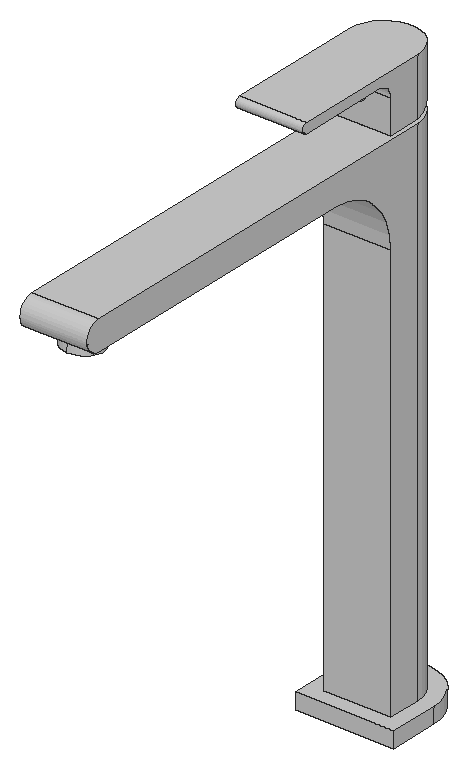
Revit family "PlumFix_Tap_ABEY_Park Avenue_High Basin Mixer", category Plumbing Fixtures, Revit 2015
Parameters (values of type "Chrome")
  Waste Connection = no
  WFU = 0
  Vent Connection = no
  URL = "https://www.abey.com.au/"
  Type Comments = "Chrome Finish"
  PlumbingMaterial_ANZRS = z_Abey_Chrome
  Model = "1B2"
  Manufacturer_URL__Product Specific = "https://www.abey.com.au/product/bathroom/park-avenue-high-basin-mixer/"
  Manufacturer_Spec Code = Model  # "1B2"
  Manufacturer_Overall Width = 50 mm  # constant formula
  Manufacturer_Overall Height = 302 mm  # constant formula
  Manufacturer_Overall Depth = 235 mm  # constant formula
  Manufacturer_Height From FFL [instance] = 900 mm
  Manufacturer = "Abey Australia"  # constant formula
  Keynote = ""
  HWFU = 0
  HW Connection = yes
  Description = "High Basin Mixer"  # constant formula
  CreatedBy_ANZRS = "UNIFI Labs"  # constant formula
  CreatedByURL_ANZRS = "http://www.unifilabs.com/"
  Cost = 0
  CWFU = 0
  CW Connection = yes
  Assembly Code = ""
Types (3, lengths in mm): name | Type Comments | PlumbingMaterial_ANZRS | Model | Manufacturer_Spec Code
  Chrome | "Chrome Finish" | z_Abey_Chrome | "1B2" | "1B2"
  Black | "Black Finish" | z_Abey_Black | "1B2-B" | "1B2-B"
  Gun Metal | "Gun Metal Finish" | z_Abey_Gun Metal | "1B2-GM" | "1B2-GM"
Reference planes
  plane 1 "Ref. Level": z = 0
  plane 2 "Center (Left/Right)": x = 98.02
  plane 3 "Bottom": z = 900
  plane 4 "Back": y = -75
  plane 5 "Left": x = 73.02
  plane 6 "Right": x = 123.02
  plane 7 "Top": z = 1202
  plane 8 "Center (Elevation)": z = 1051
  plane 9 "Front": y = -310
  plane 10 "Center (Front/Back)": y = -192.5
Forms (mm)
  Extrusion 1, solid, material "z_Abey_Chrome" <- "PlumbingMaterial_ANZRS"
    sketch origin (0, 0, 900) x (-1, 0, 0) y (0, -1, 0)
      loop
        line (-73.02, 125) -> (-123.02, 125) -> (-123.02, 100)
        arc (-123.02, 100) -> (-98.02, 75) -> (-73.02, 100) r 25
        line (-73.02, 100) -> (-73.02, 125)
    from 0 to 8
  Extrusion 2, solid, material "z_Abey_Chrome" <- "PlumbingMaterial_ANZRS"
    sketch origin (0, 0, 900) x (-1, 0, 0) y (0, -1, 0)
      loop
        arc (-115.02, 100) -> (-98.02, 83) -> (-81.02, 100) r 17
        line (-81.02, 100) -> (-81.02, 112.5) -> (-115.02, 112.5) -> (-115.02, 100)
    from 8 to 270.5
  Extrusion 3, solid, material "z_Abey_Chrome" <- "PlumbingMaterial_ANZRS"
    sketch origin (98.02, 0, 0) x (0, 1, 0) y (0, 0, 1)
      loop
        line (-112.5, 1170.5) -> (-302.5, 1170.5)
        arc (-302.5, 1170.5) -> (-310, 1163) -> (-302.5, 1155.5) r 7.5
        line (-302.5, 1155.5) -> (-152, 1155.5)
        arc (-152, 1155.5) -> (-127.251, 1145.249) -> (-117, 1120.5) r 35
        line (-117, 1120.5) -> (-117, 908) -> (-112.5, 908) -> (-112.5, 1170.5)
    from -17 to 17
  Extrusion 4, solid, material "z_Abey_Chrome" <- "PlumbingMaterial_ANZRS"
    sketch origin (0, 0, 1202) x (-1, 0, 0) y (0, -1, 0)
      loop
        arc (-115.02, 100) -> (-98.02, 83) -> (-81.02, 100) r 17
        line (-81.02, 100) -> (-81.02, 112.5) -> (-115.02, 112.5) -> (-115.02, 100)
    from -29.5 to 0
  Extrusion 5, solid, material "z_Abey_Chrome" <- "PlumbingMaterial_ANZRS"
    sketch origin (98.02, 0, 0) x (0, 1, 0) y (0, 0, 1)
      loop
        line (-112.5, 1202) -> (-170.5, 1202)
        arc (-170.5, 1202) -> (-173, 1199.5) -> (-170.5, 1197) r 2.5
        line (-170.5, 1197) -> (-124.5, 1197)
        arc (-124.5, 1197) -> (-119.197, 1194.803) -> (-117, 1189.5) r 7.5
        line (-117, 1189.5) -> (-117, 1172.5) -> (-112.5, 1172.5) -> (-112.5, 1202)
    from -17 to 17
  Extrusion 6, solid, material "z_Abey_Chrome" <- "PlumbingMaterial_ANZRS"
    sketch origin (0, 0, 1202) x (-1, 0, 0) y (0, -1, 0)
      loop
        circle (-98.02, 100) r 14.5
    from -31.5 to -20
  Revolve 7, solid, material "z_Abey_Chrome" <- "PlumbingMaterial_ANZRS"
    sketch origin (98.02, 0, 0) x (0, 1, 0) y (0, 0, 1)
      loop
        line (-301.431, 1148.872) -> (-291.469, 1148) -> (-290.604, 1157.888) -> (-300.566, 1158.759) -> (-301.431, 1148.872)
      axis (-291.469, 1148) -> (-290.604, 1157.888)
    angle from 0 to 360
  Revolve 8, solid, material "z_Abey_Chrome" <- "PlumbingMaterial_ANZRS"
    sketch origin (98.02, 0, 0) x (0, 1, 0) y (0, 0, 1)
      loop
        line (-117, 1186.53) -> (-117, 1190.516)
        arc (-117, 1190.516) -> (-118.029, 1190.09) -> (-118.455, 1189.061) r 1.455
        line (-118.455, 1189.061) -> (-118.455, 1186.53) -> (-117, 1186.53)
      axis (-117, 1186.53) -> (-118.455, 1186.53)
    angle from 0 to 360
  Extrusion 9, solid, material "z_Abey_Chrome" <- "PlumbingMaterial_ANZRS"
    sketch origin (0, 0, 900) x (-1, 0, 0) y (0, -1, 0)
      loop
        circle (-91.17, 100) r 6.35
      loop
        circle (-104.87, 100) r 6.35
    from 0 to -1
  Extrusion 10, void
    sketch origin (98.02, 0, 0) x (0, 1, 0) y (0, 0, 1)
      loop
        line (-101.148, 1171.965) -> (-82.515, 1171.965) -> (-82.515, 1180.653) -> (-101.148, 1171.965)
    from -17 to 17
Cuts and joins
  joined: Extrusion 2, Extrusion 3
  Extrusion 10 cuts Extrusion 4
  Extrusion 10 cuts Extrusion 5
  joined: Extrusion 4, Extrusion 5
Lines and regions (mm)
  Masking region 1
    outline origin (0, 0, 900) x (-1, 0, 0) y (0, -1, 0)
      loop
        arc (-123.02, 100) -> (-98.02, 75) -> (-73.02, 100) r 25
        line (-73.02, 100) -> (-73.02, 125) -> (-81.02, 125) -> (-81.02, 310) -> (-115.02, 310) -> (-115.02, 125) -> (-123.02, 125) -> (-123.02, 100)
  Masking region 2
    outline origin (0, -192.5, 0) x (-1, 0, 0) y (0, 0, 1)
      loop
        line (-123.02, 900) -> (-73.02, 900) -> (-73.02, 908) -> (-81.02, 908) -> (-81.02, 1170.5) -> (-83.52, 1170.5) -> (-83.52, 1172.5) -> (-81.02, 1172.5) -> (-81.02, 1202) -> (-115.02, 1202) -> (-115.02, 1172.5) -> (-112.52, 1172.5) -> (-112.52, 1170.5) -> (-115.02, 1170.5) -> (-115.02, 908) -> (-123.02, 908) -> (-123.02, 900)
  Masking region 3
    outline origin (98.02, 0, 0) x (0, 1, 0) y (0, 0, 1)
      loop
        arc (-152, 1155.5) -> (-127.251, 1145.249) -> (-117, 1120.5) r 35
        line (-117, 1120.5) -> (-117, 908) -> (-125, 908) -> (-125, 900) -> (-75, 900) -> (-75, 908) -> (-83, 908) -> (-83, 1170.5) -> (-85.5, 1170.5) -> (-85.5, 1179.261) -> (-83, 1180.427) -> (-83, 1202) -> (-170.5, 1202)
        arc (-170.5, 1202) -> (-173, 1199.5) -> (-170.5, 1197) r 2.5
        line (-170.5, 1197) -> (-124.5, 1197)
        arc (-124.5, 1197) -> (-119.568, 1195.15) -> (-117.069, 1190.514) r 7.5
        arc (-117.069, 1190.514) -> (-118.053, 1190.065) -> (-118.455, 1189.061) r 1.455
        line (-118.455, 1189.061) -> (-118.455, 1183.998)
        arc (-118.455, 1183.998) -> (-118.029, 1182.969) -> (-117, 1182.543) r 1.455
        line (-117, 1182.543) -> (-117, 1172.5) -> (-114.5, 1172.5) -> (-114.5, 1170.5) -> (-302.5, 1170.5)
        arc (-302.5, 1170.5) -> (-310, 1163) -> (-302.5, 1155.5) r 7.5
        line (-302.5, 1155.5) -> (-300.851, 1155.5) -> (-301.431, 1148.872) -> (-281.507, 1147.128) -> (-280.774, 1155.5) -> (-152, 1155.5)
  symbolic lines, style "Taps/Mixers", detail levels fine
    curve 1: line (81.02, -173, 900) -> (115.02, -173, 900)
    curve 7: circle (98.02, -192.5, 1186.53) r 3.986 normal (0, 1, 0)
    curve 14: spline (109.786, -192.5, 1145.865) -> (108.871, -192.5, 1146.536) -> (107.333, -192.5, 1147.134) -> (105.261, -192.5, 1147.625) -> (102.773, -192.5, 1147.981) -> (100.013, -192.5, 1148.181) -> (97.138, -192.5, 1148.214) -> (94.314, -192.5, 1148.078) -> (91.702, -192.5, 1147.78) -> (89.454, -192.5, 1147.339) -> (87.696, -192.5, 1146.779) -> (86.531, -192.5, 1146.132) -> (86.025, -192.5, 1145.435)
    curve 22: line (98.02, -83, 1085.5) -> (98.02, -117, 1085.5)
    curve 23: line (81.02, -192.5, 1085.5) -> (115.02, -192.5, 1085.5)
  symbolic lines, style "Taps/Mixers", detail levels medium+fine
    curve 2: line (81.02, -125, 900) -> (81.02, -100, 900)
    curve 3: line (115.02, -125, 900) -> (115.02, -100, 900)
    curve 4: arc (81.02, -100, 900) -> (98.02, -83, 900) -> (115.02, -100, 900) r 17
    curve 5: line (81.02, -192.5, 908) -> (115.02, -192.5, 908)
    curve 6: line (81.02, -192.5, 1197) -> (115.02, -192.5, 1197)
    curve 8: line (83.52, -192.5, 1172.5) -> (112.52, -192.5, 1172.5)
    curve 9: line (112.52, -192.5, 1170.5) -> (83.52, -192.5, 1170.5)
    curve 10: line (115.02, -192.5, 1155.5) -> (81.02, -192.5, 1155.5)
    curve 11: line (110.034, -192.5, 1146.462) -> (110.034, -192.5, 1155.5)
    curve 12: line (86.025, -192.5, 1145.435) -> (86.025, -192.5, 1155.5)
    curve 13: spline (86.006, -192.5, 1146.462) -> (86.416, -192.5, 1145.698) -> (87.616, -192.5, 1144.986) -> (89.525, -192.5, 1144.374) -> (92.013, -192.5, 1143.905) -> (94.911, -192.5, 1143.609) -> (98.02, -192.5, 1143.509) -> (101.129, -192.5, 1143.609) -> (104.027, -192.5, 1143.905) -> (106.515, -192.5, 1144.374) -> (108.424, -192.5, 1144.986) -> (109.624, -192.5, 1145.698) -> (110.034, -192.5, 1146.462) -> (109.624, -192.5, 1147.227) -> (108.424, -192.5, 1147.939) -> (106.515, -192.5, 1148.551) -> (104.027, -192.5, 1149.02) -> (101.129, -192.5, 1149.315) -> (98.02, -192.5, 1149.416) -> (94.911, -192.5, 1149.315) -> (92.013, -192.5, 1149.02) -> (89.525, -192.5, 1148.551) -> (87.616, -192.5, 1147.939) -> (86.416, -192.5, 1147.227) -> (86.006, -192.5, 1146.462)
    curve 15: line (98.02, -83.124, 1180.369) -> (98.02, -100, 1172.5)
    curve 16: line (98.02, -100, 1172.5) -> (98.02, -117, 1172.5)
    curve 17: line (98.02, -83, 908) -> (98.02, -117, 908)
    curve 18: line (98.02, -85.5, 1170.5) -> (98.02, -114.5, 1170.5)
    curve 19: line (98.02, -117, 1182.543) -> (98.02, -117, 1189.5)
    curve 20: arc (98.02, -117.069, 1190.514) -> (98.02, -117.017, 1190.008) -> (98.02, -117, 1189.5) r 7.5
    curve 21: line (98.02, -280.774, 1155.5) -> (98.02, -300.851, 1155.5)
Text (mm)
  text "Disclaimer:\n\nDue to ongoing product development and manufacturing evolution, product details are subject to change without notice.\n\nPlease refer to product technical data sheets on www.abey.com.au for the most current product information. Please allow a +/- 5mm tolerance for dimensions and set-outs shown in product literature.\n\n© 2017 Abey Australia" at (211.897, -143.567, 0), in view "Ref. Level_Instruction"
Dimensions and locks
  equal spacing: plane 5 "Left", plane 2 "Center (Left/Right)", plane 6 "Right"
  "Manufacturer_Overall Width": plane 5 "Left" to plane 6 "Right"
  "Manufacturer_Overall Height": plane 7 "Top" to plane 3 "Bottom"
  equal spacing: plane 7 "Top", plane 8 "Center (Elevation)", plane 3 "Bottom"
  "Manufacturer_Height From FFL": plane 3 "Bottom" to plane 1 "Ref. Level"
  equal spacing: plane 9 "Front", plane 10 "Center (Front/Back)", plane 4 "Back"
  "Manufacturer_Overall Depth": plane 9 "Front" to plane 4 "Back"
  aligned and locked: Extrusion 2 to Extrusion 3
  aligned and locked: Extrusion 3 to Extrusion 2
  aligned and locked: Extrusion 5 to cut or joined group of Extrusion 2, Extrusion 3
  aligned and locked: cut or joined group of Extrusion 2, Extrusion 3 to Extrusion 5
Automatic sketch dimensions
  plane 3 "Bottom" to Extrusion 3 sketch curve = 8 mm
  Extrusion 3 sketch curve to Extrusion 3 sketch curve = 4.5 mm
  plane 8 "Center (Elevation)" to Extrusion 3 sketch curve = 69.5 mm
  Extrusion 3 sketch curve to Extrusion 3 sketch curve = 7.5 mm
  Extrusion 5 sketch curve to plane 7 "Top" = 0 mm
  Extrusion 5 sketch curve to plane 7 "Top" = 2.5 mm
  Extrusion 5 sketch curve to Extrusion 5 sketch curve = 7.5 mm
  Extrusion 5 sketch curve to Extrusion 5 sketch curve = 4.5 mm
  Extrusion 5 sketch curve to Extrusion 5 sketch curve = 17 mm
  Extrusion 6 sketch curve to plane 2 "Center (Left/Right)" = 0 mm
  plane 4 "Back" to Extrusion 6 sketch curve = 25 mm
  Revolve 8 sketch curve to Revolve 8 sketch curve = 1.455 mm
  Revolve 8 sketch curve to plane 7 "Top" = 15.47 mm
  Revolve 8 sketch curve to Revolve 8 sketch curve = 2.531 mm
  Revolve 8 sketch curve to Revolve 8 sketch curve = 1.047 mm
  Revolve 8 sketch curve to Revolve 8 sketch curve = 0 mm  (x2)
  plane 2 "Center (Left/Right)" to Extrusion 9 sketch curve = 6.85 mm
  Extrusion 9 sketch curve to plane 2 "Center (Left/Right)" = 6.85 mm
  plane 4 "Back" to Extrusion 9 sketch curve = 25 mm
  Extrusion 9 sketch curve to Extrusion 9 sketch curve = 0 mm
  plane 4 "Back" to Extrusion 10 sketch curve = 26.148 mm
  plane 4 "Back" to Extrusion 10 sketch curve = 7.515 mm
  Extrusion 10 sketch curve to plane 7 "Top" = 30.035 mm
  Extrusion 10 sketch curve to Extrusion 10 sketch curve = 8.689 mm
  curve 4 to plane 2 "Center (Left/Right)" = 0 mm
  curve 3 to plane 6 "Right" = 8 mm
  plane 4 "Back" to curve 4 = 25 mm
  curve 1 to plane 6 "Right" = 8 mm
  plane 5 "Left" to curve 1 = 8 mm
  curve 3 to curve 3 = 25 mm
  curve 4 to curve 2 = 25 mm
  Extrusion 1 sketch curve to plane 6 "Right" = 0 mm
  Extrusion 1 sketch curve to plane 2 "Center (Left/Right)" = 0 mm
  plane 4 "Back" to Extrusion 1 sketch curve = 25 mm
  Extrusion 1 sketch curve to Extrusion 1 sketch curve = 25 mm
  Extrusion 2 sketch curve to plane 2 "Center (Left/Right)" = 0 mm
  Extrusion 2 sketch curve to plane 6 "Right" = 8 mm
  plane 4 "Back" to Extrusion 2 sketch curve = 25 mm
  Extrusion 2 sketch curve to Extrusion 2 sketch curve = 12.5 mm
  Extrusion 4 sketch curve to plane 2 "Center (Left/Right)" = 0 mm
  Extrusion 4 sketch curve to plane 6 "Right" = 8 mm
  plane 4 "Back" to Extrusion 4 sketch curve = 25 mm
  Extrusion 4 sketch curve to Extrusion 4 sketch curve = 12.5 mm
  Masking region 1 sketch curve to plane 6 "Right" = 0 mm
  Masking region 1 sketch curve to plane 2 "Center (Left/Right)" = 0 mm
  Masking region 1 sketch curve to Masking region 1 sketch curve = 8 mm
  plane 5 "Left" to Masking region 1 sketch curve = 8 mm
  plane 4 "Back" to Masking region 1 sketch curve = 25 mm
  curve 1 to plane 10 "Center (Front/Back)" = 19.5 mm
  Extrusion 3 sketch curve to plane 10 "Center (Front/Back)" = 40.5 mm
  plane 4 "Back" to Extrusion 3 sketch curve = 42 mm
  Extrusion 5 sketch curve to Extrusion 5 sketch curve = 46 mm
  plane 4 "Back" to Revolve 8 sketch curve = 43.455 mm
  Masking region 1 sketch curve to Masking region 1 sketch curve = 25 mm  (x2)
  plane 10 "Center (Front/Back)" to Extrusion 3 sketch curve = 110 mm
  Extrusion 5 sketch curve to plane 10 "Center (Front/Back)" = 22 mm
  plane 10 "Center (Front/Back)" to Masking region 1 sketch curve = 117.5 mm
  Revolve 7 sketch curve to plane 7 "Top" = 54 mm
  Revolve 7 sketch curve to plane 9 "Front" = 8.569 mm
  Revolve 7 sketch curve to Revolve 7 sketch curve = 0.865 mm
  Revolve 7 sketch curve to Revolve 7 sketch curve = 0 mm  (x2)
  Revolve 7 sketch curve to Revolve 7 sketch curve = 0.415 mm
  Revolve 7 sketch curve to Revolve 7 sketch curve = 4.742 mm
  Revolve 7 sketch curve to Revolve 7 sketch curve = 9.962 mm
  Revolve 7 sketch curve to Revolve 7 sketch curve = 0.872 mm
  Masking region 3 sketch curve to plane 7 "Top" = 0 mm
  Masking region 3 sketch curve to plane 3 "Bottom" = 0 mm
  Masking region 3 sketch curve to plane 4 "Back" = 0 mm
  Masking region 3 sketch curve to Masking region 3 sketch curve = 8 mm  (x3)
  plane 4 "Back" to Masking region 3 sketch curve = 8 mm
  Masking region 3 sketch curve to Masking region 3 sketch curve = 2.5 mm  (x2)
  Masking region 3 sketch curve to Masking region 3 sketch curve = 29 mm
  plane 4 "Back" to Masking region 3 sketch curve = 42 mm
  Masking region 3 sketch curve to Masking region 3 sketch curve = 35 mm
  Masking region 3 sketch curve to plane 7 "Top" = 5 mm
  Masking region 3 sketch curve to plane 10 "Center (Front/Back)" = 22 mm
  Masking region 3 sketch curve to plane 9 "Front" = 29.226 mm
  Masking region 3 sketch curve to Masking region 3 sketch curve = 0.732 mm
  Masking region 3 sketch curve to plane 9 "Front" = 9.149 mm
  Masking region 3 sketch curve to Masking region 3 sketch curve = 0.58 mm
  Masking region 3 sketch curve to plane 9 "Front" = 7.5 mm
  plane 3 "Bottom" to Masking region 3 sketch curve = 8 mm
  Masking region 3 sketch curve to Masking region 3 sketch curve = 8.372 mm
  Masking region 3 sketch curve to Masking region 3 sketch curve = 7.5 mm
  Masking region 3 sketch curve to plane 7 "Top" = 31.5 mm
  Masking region 3 sketch curve to Masking region 3 sketch curve = 2 mm
  Masking region 3 sketch curve to Masking region 3 sketch curve = 8.761 mm
  Masking region 3 sketch curve to Masking region 3 sketch curve = 1.166 mm
  Masking region 3 sketch curve to Masking region 3 sketch curve = 6.518 mm
  Masking region 3 sketch curve to Masking region 3 sketch curve = 1.455 mm  (x2)
  Masking region 3 sketch curve to Masking region 3 sketch curve = 10.043 mm
  Masking region 3 sketch curve to Masking region 3 sketch curve = 0.439 mm
  Masking region 3 sketch curve to Masking region 3 sketch curve = 6.045 mm
  plane 8 "Center (Elevation)" to Masking region 3 sketch curve = 69.5 mm
  curve 20 to plane 7 "Top" = 12.5 mm
  plane 4 "Back" to curve 20 = 49.5 mm
  curve 20 to curve 19 = 7.5 mm
  curve 19 to curve 15 = 17 mm
  curve 15 to curve 19 = 17 mm
  curve 21 to plane 9 "Front" = 29.226 mm
  curve 21 to plane 9 "Front" = 9.149 mm
  curve 20 to curve 20 = 0.069 mm
  plane 3 "Bottom" to curve 17 = 8 mm
  plane 4 "Back" to curve 17 = 42 mm
  curve 16 to curve 19 = 0 mm
  plane 4 "Back" to curve 22 = 42 mm
  curve 16 to curve 18 = 2.5 mm
  plane 4 "Back" to curve 18 = 10.5 mm
  plane 4 "Back" to curve 15 = 8.124 mm
  plane 4 "Back" to curve 22 = 8 mm
  plane 4 "Back" to curve 17 = 8 mm
  curve 19 to curve 19 = 6.957 mm
  curve 15 to curve 15 = 7.869 mm
  curve 18 to curve 15 = 9.869 mm
  curve 21 to plane 7 "Top" = 46.5 mm
  plane 8 "Center (Elevation)" to curve 22 = 34.5 mm
  plane 6 "Right" to curve 23 = 8 mm
  curve 23 to plane 8 "Center (Elevation)" = 34.5 mm
  curve 23 to plane 5 "Left" = 8 mm
  Masking region 2 sketch curve to plane 3 "Bottom" = 0 mm
  Masking region 2 sketch curve to plane 6 "Right" = 0 mm
  Masking region 2 sketch curve to plane 7 "Top" = 0 mm
  Masking region 2 sketch curve to plane 5 "Left" = 0 mm
  Masking region 2 sketch curve to plane 6 "Right" = 8 mm
  Masking region 2 sketch curve to Masking region 2 sketch curve = 8 mm
  Masking region 2 sketch curve to Masking region 2 sketch curve = 2.5 mm
  plane 5 "Left" to Masking region 2 sketch curve = 10.5 mm
  plane 5 "Left" to Masking region 2 sketch curve = 8 mm  (x2)
  plane 3 "Bottom" to Masking region 2 sketch curve = 8 mm  (x2)
  Masking region 2 sketch curve to Masking region 2 sketch curve = 31.5 mm
  Masking region 2 sketch curve to Masking region 2 sketch curve = 0 mm
  Masking region 2 sketch curve to Masking region 2 sketch curve = 2 mm  (x2)
  curve 14 to plane 2 "Center (Left/Right)" = 0 mm
  curve 7 to plane 2 "Center (Left/Right)" = 0 mm
  curve 13 to plane 2 "Center (Left/Right)" = 0 mm
  plane 7 "Top" to curve 7 = 15.47 mm
  plane 6 "Right" to curve 6 = 8 mm
  plane 6 "Right" to curve 10 = 8 mm
  plane 6 "Right" to curve 5 = 8 mm
  plane 6 "Right" to curve 8 = 10.5 mm
  curve 8 to curve 9 = 0 mm  (x2)
  curve 10 to curve 11 = 4.986 mm
  curve 11 to curve 14 = 0.248 mm
  curve 14 to curve 13 = 0.019 mm
  curve 14 to curve 14 = 0.019 mm
  curve 8 to plane 5 "Left" = 10.5 mm
  curve 12 to curve 10 = 5.005 mm
  curve 5 to plane 5 "Left" = 8 mm
  curve 6 to plane 5 "Left" = 8 mm
  curve 5 to plane 3 "Bottom" = 8 mm
  curve 14 to curve 7 = 41.261 mm
  curve 14 to curve 14 = 0.167 mm
  curve 14 to curve 13 = 1.027 mm
  curve 14 to curve 11 = 0.597 mm
  curve 11 to curve 10 = 9.038 mm
  curve 11 to curve 9 = 15 mm
  curve 9 to curve 8 = 2 mm
  plane 7 "Top" to curve 6 = 5 mm
  radius of Extrusion 6 sketch curve = 14.5 mm
  radius of Extrusion 9 sketch curve = 6.35 mm  (x2)
  radius of curve 7 = 3.986 mm
Connectors
  piping at (91.17, -100, 899), diameter 12.7, driven by "HW Connection"
    settings: on Extrusion 9, index 1, connector inside diameter 609.6 mm, connector length 0 mm, flow factor 0, pipe flow 0.000 L/s, pressure drop 0.0 Pa, fitting loss kfactor 0, connector angle 0.00°, fixture units 0, engagement length 0 mm, angle of deflection 0.00°, flow configuration 2, flow direction 1, fitting loss method 0, system type 19, joint type 0, gender type 0, connector reference index -1, connector utility 1, adjustable connector no, is connector primary yes, connector description "Hot Water Supply"
  piping at (104.87, -100, 899), diameter 12.7, driven by "CW Connection"
    settings: on Extrusion 9, index 2, connector inside diameter 609.6 mm, connector length 0 mm, flow factor 0, pipe flow 0.000 L/s, pressure drop 0.0 Pa, fitting loss kfactor 0, connector angle 0.00°, fixture units 0, engagement length 0 mm, angle of deflection 0.00°, flow configuration 2, flow direction 1, fitting loss method 0, system type 20, joint type 0, gender type 0, connector reference index -1, connector utility 1, adjustable connector no, is connector primary no, connector description "Cold Water Supply"
